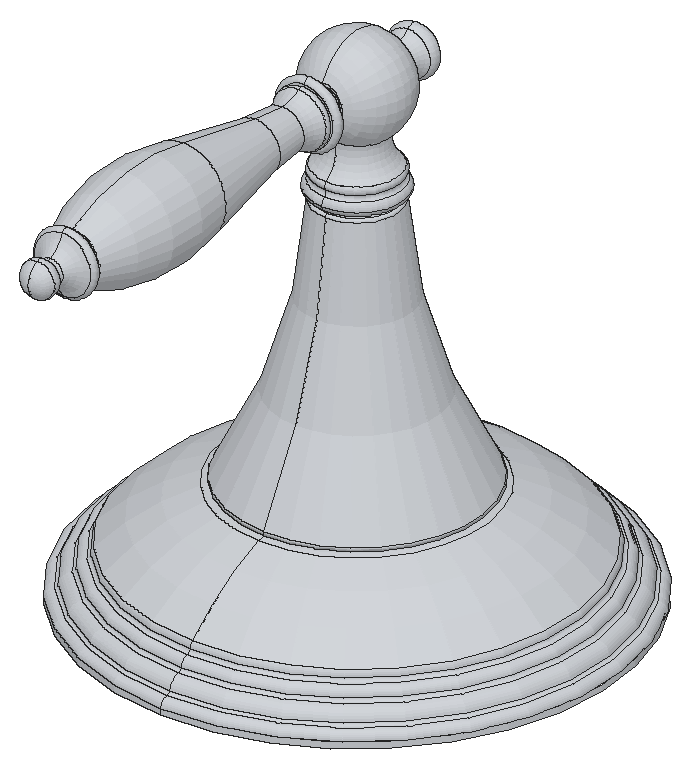
Revit family "Shower-Valve_Trim-KOHLER-Finial-K-T10303", category Specialty Equipment, host Face, Revit 2015
Parameters (values of type "CP-Polished Chrome")
  Width = 3 7/8"  # constant formula
  URL = "https://www.us.kohler.com/us/"
  Type = 1
  Product Page URL = "http://www.us.kohler.com/us/catalog/productDetails.jsp?productNumber=T10303-4M"
  Product Name = "Finial Traditional"  # constant formula
  Product Documentation Link = "http://www.us.kohler.com/onlinecatalog/pdf/K-T10303-4M_spec.pdf"
  Model = if(Type = 1, "K-T10303-4M-CP", if(Type = 2, "K-T10303-4M-SN", if(Type = 3, "K-T10303-4M-AF", if(Type = 4, "K-T10303-4M-BN", if(Type = 5, "K-T10303-4M-BV", if(Type = 6, "K-T10303-4M-2BZ", "NA"))))))  # "K-T10303-4M-CP"
  Material = "Premium Metal Construction"  # constant formula
  MasterFormat 2004 = "10.28.13"  # constant formula
  MasterFormat 1995 = "10820"  # constant formula
  Manufacturer Address = "444 Highland Dr, Kohler, WI 53044"  # constant formula
  Manufacturer = "KOHLER Co."  # constant formula
  Length = 4"  # constant formula
  Height = 3 7/8"  # constant formula
  Finish = Kohler-Metal-CP-Polished_Chrome
  Environmental Product Declaration = ""
  Description = "Valve trim with lever handle for volume control valve, requires valve"  # constant formula
  Default Elevation = 42"
  Declare Label = ""
  Date Modified = "01/03/2019"  # constant formula
  Date Created = "01/03/2019"  # constant formula
  Copyright = "Copyright KOHLER Co."  # constant formula
  Contact Us = "https://www.us.kohler.com/us/static/contact.jsp"
  Assembly Code = "C1030200"
  ADA Compliant = 1 = 1  # yes
Types (7): name | Type | Model | Finish
  (no name) | 1 | "K-T10303-4M-CP" | Kohler-Metal-CP-Polished_Chrome
  CP-Polished Chrome | 1 | "K-T10303-4M-CP" | Kohler-Metal-CP-Polished_Chrome
  SN-Vibrant Polished Nickel | 2 | "K-T10303-4M-SN" | Kohler-Metal-SN-Vibrant_Polished_Nickel
  AF-Vibrant French Gold | 3 | "K-T10303-4M-AF" | Kohler-Metal-AF-Vibrant_French_Gold
  BN-Vibrant Brushed Nickel | 4 | "K-T10303-4M-BN" | Kohler-Metal-BN-Vibrant_Brushed_Nickel
  BV-Vibrant Brushed Bronze | 5 | "K-T10303-4M-BV" | Kohler-Metal-BV-Brushed_Bronze
  2BZ-Oil Rubbed Bronze | 6 | "K-T10303-4M-2BZ" | Kohler-Metal-2BZ-Oil_Rubbed_Bronze
Reference planes (in)
  plane 1 "Center (Front/Back)": y = 0
  plane 2: z = 0
  plane 3 "Center (Left/Right)": x = 0
  plane 4: x = -1.93759
  plane 5: x = 1.93741
  plane 6: z = 4
  plane 7: y = 1.9375
  plane 8: y = -1.9375
  plane 9: y = -3.25
Dimensions and locks (in)
  "Width": plane 4 to plane 5
  "Height": plane 8 to plane 7
  "Length": plane 6 to level
  plane 1 "Center (Front/Back)" to plane 9 = 3 1/4"
  aligned and locked: plane 2 to host face
  aligned and locked: level to host face
Automatic sketch dimensions
  host sketch curve to host sketch curve = 96"  (x2)
Nested families (in)
  nested 1: "K-T10303" at (0, 0, 0), type "K-T10303"
Definition of nested family "K-T10303"
  Parameters (values of type "K-T10303")
    Material = none
  Reference planes (in)
    plane 1 "Center (Front/Back)": y = 0
    plane 2: z = 0
    plane 3 "Center (Left/Right)": x = 0
    plane 4: x = 1.93759
    plane 5: y = 1.9375
    plane 6: y = -1.9375
    plane 7: y = -3.25
    plane 8: z = 4
    plane 9: x = -1.93759
  Forms (in)
    Revolve 1, solid, material <- "Material", detail levels medium+fine
      sketch origin (0, 0, 0) x (0, 1, 0) y (0, 0, 1)
        loop
          line (0.26, 2.85878) -> (0.30169, 2.85878)
          arc (0.30169, 2.85878) -> (0.33216, 2.87072) -> (0.34642, 2.90018) r 0.04486
          arc (0.34642, 2.90018) -> (0.34092, 2.93337) -> (0.32064, 2.96021) r 0.07037
          arc (0.32064, 2.96021) -> (0.30789, 2.98186) -> (0.31239, 3.00658) r 0.03603
          arc (0.31239, 3.00658) -> (0.31744, 3.03373) -> (0.30368, 3.05767) r 0.03998
          arc (0.30368, 3.05767) -> (0.21626, 3.21704) -> (0.26, 3.39347) r 0.24982
          line (0.26, 3.39347) -> (0, 3.39347) -> (0, 0) -> (1.9375, 0) -> (1.9375, 0.048)
          arc (1.9375, 0.048) -> (1.91887, 0.09297) -> (1.8739, 0.1116) r 0.0636
          arc (1.8739, 0.1116) -> (1.85796, 0.11756) -> (1.84984, 0.13252) r 0.0243
          arc (1.84984, 0.13252) -> (1.82063, 0.19113) -> (1.76205, 0.22038) r 0.10323
          arc (1.76205, 0.22038) -> (1.7445, 0.22978) -> (1.73716, 0.24828) r 0.02894
          arc (1.73716, 0.24828) -> (1.71841, 0.29212) -> (1.67468, 0.31114) r 0.06457
          arc (1.67468, 0.31114) -> (1.65545, 0.31966) -> (1.6476, 0.33917) r 0.02797
          arc (1.6476, 0.33917) -> (1.64284, 0.36549) -> (1.62903, 0.3884) r 0.07398
          arc (1.62903, 0.3884) -> (1.32336, 0.63574) -> (0.96951, 0.8072) r 1.72009
          arc (0.96951, 0.8072) -> (0.93771, 0.81587) -> (0.905, 0.82) r 0.23438
          arc (0.905, 0.82) -> (0.92252, 0.8303) -> (0.92205, 0.85061) r 0.02005
          arc (0.92205, 0.85061) -> (0.49319, 1.79065) -> (0.31324, 2.80811) r 4.0955
          arc (0.31324, 2.80811) -> (0.30678, 2.82223) -> (0.29235, 2.828) r 0.02091
          line (0.29235, 2.828) -> (0.26, 2.828) -> (0.26, 2.85878)
        axis (0, 3.39347) -> (0, 0)
      angle from 0 to 360
    Revolve 2, solid, material <- "Material", detail levels medium+fine
      sketch origin (0, 0, 0) x (0, 1, 0) y (0, 0, 1)
        loop
          line (-0.51904, 3.83973) -> (-0.51904, 3.80033)
          arc (-0.51904, 3.80033) -> (-0.53816, 3.83152) -> (-0.57463, 3.82864) r 0.035
          arc (-0.57463, 3.82864) -> (-0.65186, 3.79076) -> (-0.73737, 3.78131) r 0.24998
          arc (-0.73737, 3.78131) -> (-0.87193, 3.79282) -> (-1.00584, 3.81038) r 3.00239
          arc (-1.00584, 3.81038) -> (-1.36313, 3.87374) -> (-1.71718, 3.95326) r 7.99293
          arc (-1.71718, 3.95326) -> (-2.27694, 3.99041) -> (-2.81476, 3.83082) r 1.58983
          arc (-2.81476, 3.83082) -> (-2.8318, 3.81466) -> (-2.83704, 3.79177) r 0.04062
          line (-2.83704, 3.79177) -> (-2.83704, 3.82373)
          arc (-2.83704, 3.82373) -> (-2.86682, 3.86001) -> (-2.90822, 3.8379) r 0.037
          arc (-2.90822, 3.8379) -> (-2.95595, 3.76263) -> (-3.0263, 3.70791) r 0.26001
          arc (-3.0263, 3.70791) -> (-3.05508, 3.7045) -> (-3.07861, 3.72141) r 0.04
          arc (-3.07861, 3.72141) -> (-3.11283, 3.74805) -> (-3.15618, 3.74789) r 0.06641
          arc (-3.15618, 3.74789) -> (-3.22416, 3.69676) -> (-3.25, 3.61573) r 0.14
          line (-3.25, 3.61573) -> (0.73988, 3.61573)
          arc (0.73988, 3.61573) -> (0.73369, 3.63982) -> (0.71666, 3.65795) r 0.05
          arc (0.71666, 3.65795) -> (0.6586, 3.707) -> (0.61586, 3.76986) r 0.27997
          arc (0.61586, 3.76986) -> (0.56369, 3.80793) -> (0.50256, 3.78709) r 0.07
          arc (0.50256, 3.78709) -> (0.44978, 3.75051) -> (0.38688, 3.73763) r 0.16
          line (0.38688, 3.73763) -> (0.25928, 3.73763) -> (0.28908, 3.74898) -> (0.32123, 3.74898)
          arc (0.32123, 3.74898) -> (0.33454, 3.75601) -> (0.33622, 3.77097) r 0.0161
          arc (0.33622, 3.77097) -> (-0.00006, 4) -> (-0.33626, 3.77086) r 0.3613
          arc (-0.33626, 3.77086) -> (-0.33459, 3.75598) -> (-0.32134, 3.74898) r 0.01602
          line (-0.32134, 3.74898) -> (-0.28906, 3.74898) -> (-0.26545, 3.72917)
          arc (-0.26545, 3.72917) -> (-0.37794, 3.75913) -> (-0.44897, 3.85136) r 0.18115
          arc (-0.44897, 3.85136) -> (-0.48894, 3.87524) -> (-0.51904, 3.83973) r 0.036
        axis (0.73988, 3.61573) -> (-3.25, 3.61573)
      angle from 0 to 360
    Revolve 3, solid, material <- "Material", detail levels coarse
      sketch origin (0, 0, 0) x (0, 1, 0) y (0, 0, 1)
        loop
          line (0, 4) -> (0, 0) -> (1.9375, 0) -> (1.9375, 0.82) -> (0.94046, 0.82) -> (0.40242, 2.828) -> (0.40242, 4) -> (0, 4)
        axis (0, 4) -> (0, 0)
      angle from 0 to 360
    Revolve 4, solid, material <- "Material", detail levels coarse
      sketch origin (0, 0, 0) x (0, 1, 0) y (0, 0, 1)
        loop
          line (0.73988, 3.61573) -> (0.73988, 4) -> (-3.25, 4) -> (-3.25, 3.61573) -> (0.73988, 3.61573)
        axis (0.73988, 3.61573) -> (-3.25, 3.61573)
      angle from 0 to 360
  Cuts and joins
    joined: Revolve 1, Revolve 2
    joined: Revolve 3, Revolve 4
  Lines and regions (in)
    Masking region 1
      outline origin (0, 0, 0) x (1, 0, 0) y (0, 1, 0)
        loop
          arc (0.37181, -1.90034) -> (-0.00005, 1.93943) -> (-0.37181, -1.90035) r 1.93788
          arc (-0.37181, -1.90035) -> (-0.36163, -2.36924) -> (-0.21509, -2.81476) r 1.58983
          arc (-0.21509, -2.81476) -> (-0.19893, -2.8318) -> (-0.17604, -2.83704) r 0.04062
          line (-0.17604, -2.83704) -> (-0.208, -2.83704)
          arc (-0.208, -2.83704) -> (-0.24429, -2.86682) -> (-0.22217, -2.90822) r 0.037
          arc (-0.22217, -2.90822) -> (-0.14691, -2.95595) -> (-0.09219, -3.0263) r 0.26001
          arc (-0.09219, -3.0263) -> (-0.08877, -3.05508) -> (-0.10569, -3.07861) r 0.04
          arc (-0.10569, -3.07861) -> (-0.13232, -3.11283) -> (-0.13216, -3.15618) r 0.06641
          arc (-0.13216, -3.15618) -> (0, -3.25) -> (0.13216, -3.15618) r 0.14
          arc (0.13216, -3.15618) -> (0.13232, -3.11283) -> (0.10569, -3.07861) r 0.06641
          arc (0.10569, -3.07861) -> (0.08877, -3.05508) -> (0.09219, -3.0263) r 0.04
          arc (0.09219, -3.0263) -> (0.14691, -2.95595) -> (0.22217, -2.90822) r 0.26001
          arc (0.22217, -2.90822) -> (0.24429, -2.86682) -> (0.208, -2.83704) r 0.037
          line (0.208, -2.83704) -> (0.17604, -2.83704)
          arc (0.17604, -2.83704) -> (0.19893, -2.8318) -> (0.21509, -2.81476) r 0.04062
          arc (0.21509, -2.81476) -> (0.36163, -2.36923) -> (0.37181, -1.90034) r 1.58983
    Masking region 2
      outline origin (0, 0, 0) x (0, 1, 0) y (0, 0, 1)
        loop
          line (-0.51904, 3.83973) -> (-0.51904, 3.80017)
          arc (-0.51904, 3.80017) -> (-0.53816, 3.83136) -> (-0.57463, 3.82847) r 0.035
          arc (-0.57463, 3.82847) -> (-0.65186, 3.7906) -> (-0.73737, 3.78115) r 0.24998
          arc (-0.73737, 3.78115) -> (-0.87193, 3.79266) -> (-1.00584, 3.81021) r 3.00239
          arc (-1.00584, 3.81021) -> (-1.36313, 3.87357) -> (-1.71718, 3.95309) r 7.99293
          arc (-1.71718, 3.95309) -> (-2.27694, 3.99024) -> (-2.81476, 3.83065) r 1.58983
          arc (-2.81476, 3.83065) -> (-2.8318, 3.81449) -> (-2.83704, 3.7916) r 0.04062
          line (-2.83704, 3.7916) -> (-2.83704, 3.82373)
          arc (-2.83704, 3.82373) -> (-2.86682, 3.86001) -> (-2.90822, 3.8379) r 0.037
          arc (-2.90822, 3.8379) -> (-2.95595, 3.76263) -> (-3.0263, 3.70791) r 0.26001
          arc (-3.0263, 3.70791) -> (-3.05508, 3.7045) -> (-3.07861, 3.72141) r 0.04
          arc (-3.07861, 3.72141) -> (-3.11283, 3.74805) -> (-3.15618, 3.74789) r 0.06641
          arc (-3.15618, 3.74789) -> (-3.25, 3.61573) -> (-3.15618, 3.48356) r 0.14
          arc (-3.15618, 3.48356) -> (-3.11283, 3.48341) -> (-3.07861, 3.51004) r 0.06641
          arc (-3.07861, 3.51004) -> (-3.05508, 3.52696) -> (-3.0263, 3.52354) r 0.04
          arc (-3.0263, 3.52354) -> (-2.95595, 3.46882) -> (-2.90822, 3.39356) r 0.26001
          arc (-2.90822, 3.39356) -> (-2.86682, 3.37144) -> (-2.83704, 3.40773) r 0.037
          line (-2.83704, 3.40773) -> (-2.83704, 3.43968)
          arc (-2.83704, 3.43968) -> (-2.8318, 3.4168) -> (-2.81476, 3.40064) r 0.04062
          arc (-2.81476, 3.40064) -> (-2.27694, 3.24105) -> (-1.71718, 3.27819) r 1.58983
          arc (-1.71718, 3.27819) -> (-1.36313, 3.35771) -> (-1.00584, 3.42108) r 7.99293
          arc (-1.00584, 3.42108) -> (-0.87193, 3.43863) -> (-0.73737, 3.45014) r 3.00239
          arc (-0.73737, 3.45014) -> (-0.65186, 3.44069) -> (-0.57463, 3.40281) r 0.24998
          arc (-0.57463, 3.40281) -> (-0.53816, 3.39993) -> (-0.51904, 3.43112) r 0.035
          line (-0.51904, 3.43112) -> (-0.51904, 3.39173)
          arc (-0.51904, 3.39173) -> (-0.48894, 3.35621) -> (-0.44897, 3.38009) r 0.036
          arc (-0.44897, 3.38009) -> (-0.40588, 3.44939) -> (-0.33675, 3.49275) r 0.18115
          line (-0.33675, 3.49275) -> (-0.33675, 3.46184)
          arc (-0.33675, 3.46184) -> (-0.28939, 3.37645) -> (-0.22091, 3.30685) r 0.3613
          arc (-0.22091, 3.30685) -> (-0.22692, 3.17051) -> (-0.30368, 3.05767) r 0.24982
          arc (-0.30368, 3.05767) -> (-0.31744, 3.03373) -> (-0.31239, 3.00658) r 0.03998
          arc (-0.31239, 3.00658) -> (-0.30789, 2.98186) -> (-0.32064, 2.96021) r 0.03603
          arc (-0.32064, 2.96021) -> (-0.34092, 2.93337) -> (-0.34642, 2.90018) r 0.07037
          arc (-0.34642, 2.90018) -> (-0.33216, 2.87072) -> (-0.30169, 2.85878) r 0.04486
          line (-0.30169, 2.85878) -> (-0.26, 2.85878) -> (-0.26, 2.828) -> (-0.29235, 2.828)
          arc (-0.29235, 2.828) -> (-0.30678, 2.82223) -> (-0.31324, 2.80811) r 0.02091
          arc (-0.31324, 2.80811) -> (-0.49319, 1.79065) -> (-0.92205, 0.85061) r 4.0955
          arc (-0.92205, 0.85061) -> (-0.92252, 0.8303) -> (-0.905, 0.82) r 0.02005
          arc (-0.905, 0.82) -> (-0.93771, 0.81587) -> (-0.96951, 0.8072) r 0.23438
          arc (-0.96951, 0.8072) -> (-1.32336, 0.63574) -> (-1.62903, 0.3884) r 1.72009
          arc (-1.62903, 0.3884) -> (-1.64284, 0.36549) -> (-1.6476, 0.33917) r 0.07398
          arc (-1.6476, 0.33917) -> (-1.65545, 0.31966) -> (-1.67468, 0.31114) r 0.02797
          arc (-1.67468, 0.31114) -> (-1.71841, 0.29212) -> (-1.73716, 0.24828) r 0.06457
          arc (-1.73716, 0.24828) -> (-1.7445, 0.22978) -> (-1.76205, 0.22038) r 0.02894
          arc (-1.76205, 0.22038) -> (-1.82063, 0.19113) -> (-1.84984, 0.13252) r 0.10323
          arc (-1.84984, 0.13252) -> (-1.85796, 0.11756) -> (-1.8739, 0.1116) r 0.0243
          arc (-1.8739, 0.1116) -> (-1.91887, 0.09297) -> (-1.9375, 0.048) r 0.0636
          line (-1.9375, 0.048) -> (-1.9375, 0) -> (1.9375, 0) -> (1.9375, 0.048)
          arc (1.9375, 0.048) -> (1.91887, 0.09297) -> (1.8739, 0.1116) r 0.0636
          arc (1.8739, 0.1116) -> (1.85796, 0.11756) -> (1.84984, 0.13252) r 0.0243
          arc (1.84984, 0.13252) -> (1.82063, 0.19113) -> (1.76205, 0.22038) r 0.10323
          arc (1.76205, 0.22038) -> (1.7445, 0.22978) -> (1.73716, 0.24828) r 0.02894
          arc (1.73716, 0.24828) -> (1.71841, 0.29212) -> (1.67468, 0.31114) r 0.06457
          arc (1.67468, 0.31114) -> (1.65545, 0.31966) -> (1.6476, 0.33917) r 0.02797
          arc (1.6476, 0.33917) -> (1.64284, 0.36549) -> (1.62903, 0.3884) r 0.07398
          arc (1.62903, 0.3884) -> (1.32336, 0.63574) -> (0.96951, 0.8072) r 1.72009
          arc (0.96951, 0.8072) -> (0.93771, 0.81587) -> (0.905, 0.82) r 0.23438
          arc (0.905, 0.82) -> (0.92252, 0.8303) -> (0.92205, 0.85061) r 0.02005
          arc (0.92205, 0.85061) -> (0.49319, 1.79065) -> (0.31324, 2.80811) r 4.0955
          arc (0.31324, 2.80811) -> (0.30678, 2.82223) -> (0.29235, 2.828) r 0.02091
          line (0.29235, 2.828) -> (0.26, 2.828) -> (0.26, 2.85878) -> (0.30169, 2.85878)
          arc (0.30169, 2.85878) -> (0.33216, 2.87072) -> (0.34642, 2.90018) r 0.04486
          arc (0.34642, 2.90018) -> (0.34092, 2.93337) -> (0.32064, 2.96021) r 0.07037
          arc (0.32064, 2.96021) -> (0.30789, 2.98186) -> (0.31239, 3.00658) r 0.03603
          arc (0.31239, 3.00658) -> (0.31744, 3.03373) -> (0.30368, 3.05767) r 0.03998
          arc (0.30368, 3.05767) -> (0.22692, 3.17051) -> (0.22091, 3.30685) r 0.24982
          arc (0.22091, 3.30685) -> (0.28976, 3.37693) -> (0.33718, 3.46297) r 0.3613
          line (0.33718, 3.46297) -> (0.33718, 3.49383) -> (0.38688, 3.49383)
          arc (0.38688, 3.49383) -> (0.44978, 3.48094) -> (0.50256, 3.44436) r 0.16
          arc (0.50256, 3.44436) -> (0.56369, 3.42352) -> (0.61586, 3.46159) r 0.07
          arc (0.61586, 3.46159) -> (0.6586, 3.52445) -> (0.71666, 3.5735) r 0.27997
          arc (0.71666, 3.5735) -> (0.73988, 3.61573) -> (0.71666, 3.65795) r 0.05
          arc (0.71666, 3.65795) -> (0.6586, 3.707) -> (0.61586, 3.76986) r 0.27997
          arc (0.61586, 3.76986) -> (0.56369, 3.80793) -> (0.50256, 3.78709) r 0.07
          arc (0.50256, 3.78709) -> (0.44978, 3.75051) -> (0.38688, 3.73763) r 0.16
          line (0.38688, 3.73763) -> (0.33718, 3.73763) -> (0.33718, 3.76848)
          arc (0.33718, 3.76848) -> (0.00061, 4) -> (-0.33675, 3.76961) r 0.3613
          line (-0.33675, 3.76961) -> (-0.33675, 3.73871)
          arc (-0.33675, 3.73871) -> (-0.40588, 3.78206) -> (-0.44897, 3.85136) r 0.18115
          arc (-0.44897, 3.85136) -> (-0.48894, 3.87524) -> (-0.51904, 3.83973) r 0.036
    Masking region 3
      outline origin (0, 0, 0) x (1, 0, 0) y (0, 0, 1)
        loop
          line (-0.26, 2.85878) -> (-0.26, 2.828) -> (-0.29235, 2.828)
          arc (-0.29235, 2.828) -> (-0.30678, 2.82223) -> (-0.31324, 2.80811) r 0.02091
          arc (-0.31324, 2.80811) -> (-0.49319, 1.79065) -> (-0.92205, 0.85061) r 4.0955
          arc (-0.92205, 0.85061) -> (-0.92252, 0.8303) -> (-0.905, 0.82) r 0.02005
          arc (-0.905, 0.82) -> (-0.93771, 0.81587) -> (-0.96951, 0.8072) r 0.23438
          arc (-0.96951, 0.8072) -> (-1.32386, 0.63542) -> (-1.62985, 0.38756) r 1.72009
          arc (-1.62985, 0.38756) -> (-1.64313, 0.36497) -> (-1.64769, 0.33917) r 0.07398
          arc (-1.64769, 0.33917) -> (-1.65555, 0.31966) -> (-1.67477, 0.31114) r 0.02797
          arc (-1.67477, 0.31114) -> (-1.7185, 0.29212) -> (-1.73726, 0.24828) r 0.06457
          arc (-1.73726, 0.24828) -> (-1.74459, 0.22978) -> (-1.76214, 0.22038) r 0.02894
          arc (-1.76214, 0.22038) -> (-1.82073, 0.19113) -> (-1.84993, 0.13252) r 0.10323
          arc (-1.84993, 0.13252) -> (-1.85805, 0.11756) -> (-1.87399, 0.1116) r 0.0243
          arc (-1.87399, 0.1116) -> (-1.91896, 0.09297) -> (-1.93759, 0.048) r 0.0636
          line (-1.93759, 0.048) -> (-1.93759, 0) -> (1.93759, 0) -> (1.93759, 0.048)
          arc (1.93759, 0.048) -> (1.91896, 0.09297) -> (1.87399, 0.1116) r 0.0636
          arc (1.87399, 0.1116) -> (1.85805, 0.11756) -> (1.84993, 0.13252) r 0.0243
          arc (1.84993, 0.13252) -> (1.82073, 0.19113) -> (1.76214, 0.22038) r 0.10323
          arc (1.76214, 0.22038) -> (1.74459, 0.22978) -> (1.73726, 0.24828) r 0.02894
          arc (1.73726, 0.24828) -> (1.7185, 0.29212) -> (1.67477, 0.31114) r 0.06457
          arc (1.67477, 0.31114) -> (1.65555, 0.31966) -> (1.64769, 0.33917) r 0.02797
          arc (1.64769, 0.33917) -> (1.64313, 0.36497) -> (1.62985, 0.38756) r 0.07398
          arc (1.62985, 0.38756) -> (1.32386, 0.63542) -> (0.96951, 0.8072) r 1.72009
          arc (0.96951, 0.8072) -> (0.93771, 0.81587) -> (0.905, 0.82) r 0.23438
          arc (0.905, 0.82) -> (0.92252, 0.8303) -> (0.92205, 0.85061) r 0.02005
          arc (0.92205, 0.85061) -> (0.49319, 1.79065) -> (0.31324, 2.80811) r 4.0955
          arc (0.31324, 2.80811) -> (0.30678, 2.82223) -> (0.29235, 2.828) r 0.02091
          line (0.29235, 2.828) -> (0.26, 2.828) -> (0.26, 2.85878) -> (0.30169, 2.85878)
          arc (0.30169, 2.85878) -> (0.33216, 2.87072) -> (0.34642, 2.90018) r 0.04486
          arc (0.34642, 2.90018) -> (0.34092, 2.93337) -> (0.32064, 2.96021) r 0.07037
          arc (0.32064, 2.96021) -> (0.30789, 2.98186) -> (0.31239, 3.00658) r 0.03603
          arc (0.31239, 3.00658) -> (0.31744, 3.03373) -> (0.30368, 3.05767) r 0.03998
          arc (0.30368, 3.05767) -> (0.228, 3.16731) -> (0.21944, 3.30027) r 0.24982
          arc (0.21944, 3.30027) -> (0, 4) -> (-0.21944, 3.30027) r 0.38427
          arc (-0.21944, 3.30027) -> (-0.228, 3.16731) -> (-0.30368, 3.05767) r 0.24982
          arc (-0.30368, 3.05767) -> (-0.31744, 3.03373) -> (-0.31239, 3.00658) r 0.03998
          arc (-0.31239, 3.00658) -> (-0.30789, 2.98186) -> (-0.32064, 2.96021) r 0.03603
          arc (-0.32064, 2.96021) -> (-0.34092, 2.93337) -> (-0.34642, 2.90018) r 0.07037
          arc (-0.34642, 2.90018) -> (-0.33216, 2.87072) -> (-0.30169, 2.85878) r 0.04486
          line (-0.30169, 2.85878) -> (-0.26, 2.85878)
    symbolic lines, detail levels medium+fine
      curve 1: arc (-0.30921, -1.59942, 0) -> (0, 1.62903, 0) -> (0.30921, -1.59942, 0) r 1.62903
      curve 2: arc (0.35833, -1.81351, 0) -> (0, 1.84858, 0) -> (-0.35833, -1.81351, 0) r 1.84858
      curve 3: arc (0.33445, -1.70475, 0) -> (0, 1.73724, 0) -> (-0.33445, -1.70475, 0) r 1.73724
      curve 4: arc (0.31347, -1.61765, 0) -> (0, 1.64775, 0) -> (-0.31347, -1.61765, 0) r 1.64775
      curve 5: arc (0.18112, -0.90717, 0) -> (0, 0.92508, 0) -> (-0.18112, -0.90717, 0) r 0.92508
      curve 6: arc (0.15413, 0.61586, 0) -> (0.09127, 0.6586, 0) -> (0.04222, 0.71666, 0) r 0.27997
      curve 7: arc (0.04222, 0.71666, 0) -> (0, 0.73988, 0) -> (-0.04222, 0.71666, 0) r 0.05
      curve 8: arc (0.33753, -1.71718, 0) -> (0.25802, -1.36313, 0) -> (0.19465, -1.00584, 0) r 7.99293
      curve 9: arc (0.19465, -1.00584, 0) -> (0.1771, -0.87193, 0) -> (0.16559, -0.73737, 0) r 3.00239
      curve 10: arc (0.16559, -0.73737, 0) -> (0.17504, -0.65186, 0) -> (0.21291, -0.57463, 0) r 0.24998
      curve 11: arc (0.21291, -0.57463, 0) -> (0.2158, -0.53816, 0) -> (0.18461, -0.51904, 0) r 0.035
      curve 12: line (0.18461, -0.51904, 0) -> (0.224, -0.51904, 0)
      curve 13: arc (0.224, -0.51904, 0) -> (0.25951, -0.48894, 0) -> (0.23564, -0.44897, 0) r 0.036
      curve 14: arc (0.23564, -0.44897, 0) -> (0.16634, -0.40588, 0) -> (0.12298, -0.33675, 0) r 0.18115
      curve 15: line (-0.15389, -0.33675, 0) -> (0.15389, -0.33675, 0)
      curve 16: arc (0.15389, -0.33675, 0) -> (0.38427, 0.00062, 0) -> (0.15273, 0.33719, 0) r 0.3613
      curve 17: line (0.15273, 0.33719, 0) -> (-0.15273, 0.33719, 0)
      curve 18: line (0.1219, 0.33719, 0) -> (0.1219, 0.38688, 0)
      curve 19: arc (0.1219, 0.38688, 0) -> (0.13478, 0.44978, 0) -> (0.17136, 0.50256, 0) r 0.16
      curve 20: arc (0.17136, 0.50256, 0) -> (0.19221, 0.56369, 0) -> (0.15413, 0.61586, 0) r 0.07
      curve 21: arc (0.37195, -1.90146, 0) -> (0.35746, -1.80881, 0) -> (0.33753, -1.71718, 0) r 1.58983
      curve 22: arc (-0.15413, 0.61586, 0) -> (-0.09127, 0.6586, 0) -> (-0.04222, 0.71666, 0) r 0.27997
      curve 23: arc (-0.33753, -1.71718, 0) -> (-0.25802, -1.36313, 0) -> (-0.19465, -1.00584, 0) r 7.99293
      curve 24: arc (-0.19465, -1.00584, 0) -> (-0.1771, -0.87193, 0) -> (-0.16559, -0.73737, 0) r 3.00239
      curve 25: arc (-0.16559, -0.73737, 0) -> (-0.17504, -0.65186, 0) -> (-0.21291, -0.57463, 0) r 0.24998
      curve 26: arc (-0.21291, -0.57463, 0) -> (-0.2158, -0.53816, 0) -> (-0.18461, -0.51904, 0) r 0.035
      curve 27: line (-0.18461, -0.51904, 0) -> (-0.224, -0.51904, 0)
      curve 28: arc (-0.224, -0.51904, 0) -> (-0.25951, -0.48894, 0) -> (-0.23564, -0.44897, 0) r 0.036
      curve 29: arc (-0.23564, -0.44897, 0) -> (-0.16634, -0.40588, 0) -> (-0.12298, -0.33675, 0) r 0.18115
      curve 30: arc (-0.15389, -0.33675, 0) -> (-0.38427, 0.00062, 0) -> (-0.15273, 0.33719, 0) r 0.3613
      curve 31: line (-0.1219, 0.33719, 0) -> (-0.1219, 0.38688, 0)
      curve 32: arc (-0.1219, 0.38688, 0) -> (-0.13478, 0.44978, 0) -> (-0.17136, 0.50256, 0) r 0.16
      curve 33: arc (-0.17136, 0.50256, 0) -> (-0.19221, 0.56369, 0) -> (-0.15413, 0.61586, 0) r 0.07
      curve 34: arc (-0.37195, -1.90146, 0) -> (-0.35746, -1.80881, 0) -> (-0.33753, -1.71718, 0) r 1.58983
      curve 35: line (-0.18461, -0.51904, 0) -> (0.18461, -0.51904, 0)
      curve 36: line (-0.17604, -2.83704, 0) -> (0.17604, -2.83704, 0)
      curve 37: line (-0.22217, -2.90822, 0) -> (0.22217, -2.90822, 0)
      curve 38: line (0, 0.26, 2.85878) -> (0, -0.26, 2.85878)
      curve 39: line (0, 0.26, 2.828) -> (0, -0.26, 2.828)
      curve 40: line (0, 0.32064, 2.96021) -> (0, -0.32064, 2.96021)
      curve 41: line (0, 0.31239, 3.00658) -> (0, -0.31239, 3.00658)
      curve 42: line (0, 0.30368, 3.05767) -> (0, -0.30368, 3.05767)
      curve 43: line (0, 0.905, 0.82) -> (0, -0.905, 0.82)
      curve 44: line (0, 1.8739, 0.1116) -> (0, -1.8739, 0.1116)
      curve 45: line (0, -1.76205, 0.22038) -> (0, 1.76205, 0.22038)
      curve 46: line (0, 1.67468, 0.31114) -> (0, -1.67468, 0.31114)
      curve 47: line (0, 1.62903, 0.3884) -> (0, -1.62903, 0.3884)
      curve 48: line (0, 0.33718, 3.73763) -> (0, 0.33718, 3.49383)
      curve 49: line (0, -0.33675, 3.73871) -> (0, -0.33675, 3.49275)
      curve 50: line (0, -0.51904, 3.80033) -> (0, -0.51904, 3.41142)
      curve 51: line (0, -0.44897, 3.85136) -> (0, -0.44897, 3.38009)
      curve 52: line (0, -2.83704, 3.79177) -> (0, -2.83704, 3.43968)
      curve 53: line (0, 0.22103, 3.30685) -> (0, -0.22103, 3.30685)
      curve 54: line (-0.26, 0, 2.85878) -> (0.26, 0, 2.85878)
      curve 55: line (-0.26, 0, 2.828) -> (0.26, 0, 2.828)
      curve 56: line (-0.32064, 0, 2.96021) -> (0.32064, 0, 2.96021)
      curve 57: line (0.31239, 0, 3.00658) -> (-0.31239, 0, 3.00658)
      curve 58: line (-0.30368, 0, 3.05767) -> (0.30368, 0, 3.05767)
      curve 59: line (-0.905, 0, 0.82) -> (0.905, 0, 0.82)
      curve 60: line (-1.62903, 0, 0.3884) -> (1.62903, 0, 0.3884)
      curve 61: line (-1.67468, 0, 0.31114) -> (1.67468, 0, 0.31114)
      curve 62: line (-1.76205, 0, 0.22038) -> (1.76205, 0, 0.22038)
      curve 63: line (-1.8739, 0, 0.1116) -> (1.8739, 0, 0.1116)
      curve 64: circle (0, 0, 3.61573) r 0.19304 normal (0, -1, 0)
      curve 65: arc (-0.21944, 0, 3.30027) -> (0, 0, 3.23145) -> (0.21944, 0, 3.30027) r 0.38427
  Dimensions and locks (in)
    aligned and locked: level to plane 2
